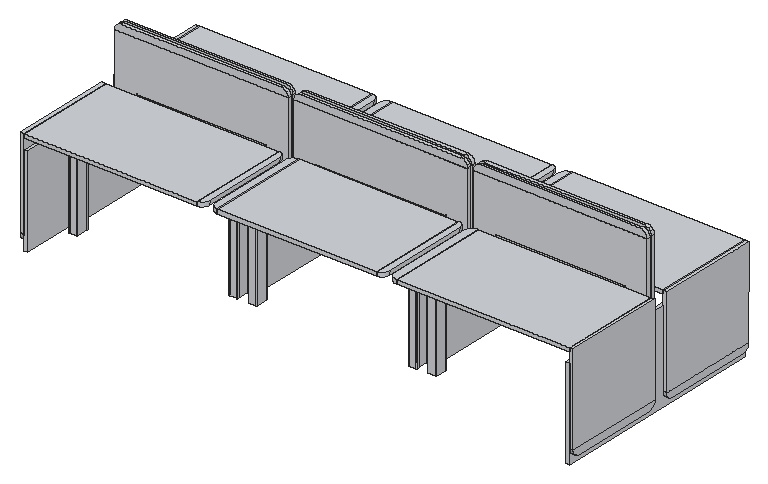
Revit family "Pair_Fade_Table System Final", category Furniture Systems, Revit 2018
Family settings
  Round Connector Dimension = Use Diameter
  Part Type = Normal
  Work Plane-Based = No
  Always vertical = Yes
  Cut with Voids When Loaded = No
  Shared = No
  Room Calculation Point = No
Parameters (values of type "48" Module - 6pk")
  Waterfall Right [instance] = yes
  W Right [instance] = if(and((Waterfall Right), or([4pk], [6pk], [8pk], [10pk])), X = 2, Y = 3)  # yes
  W Left [instance] = if(and((Waterfall Left), or([4pk], [6pk], [8pk], [10pk])), X = 2, Y = 3)  # yes
  Surface Radius Edge [instance] = yes
  Surface Finish [instance] = none
  Side Screen Radius Edge [instance] = yes
  Side Screen Finish [instance] = none
  Intermediate Ref [instance] = 47.622"
  End Ref [instance] = 49.374"
  Note [instance] = "No Waterfall surface for 2pk"
  Non Waterfall Left [instance] = not(Waterfall Left)  # no
  Non Water fall edge Left [instance] = if(and(Surface Radius Edge, Non Waterfall Left), X = 2, Y = 3)  # no
  Nest Screen Finish [instance] = none
  Nest Finish [instance] = none
  Lifting Columns Finish [instance] = none
  Intermediate Surface [instance] = if(Side Screen, Intermediate Ref - 1.000", Intermediate Ref)  # 47.622"
  Right End Surface [instance] = if(Side Screen, End Ref - 0.500", End Ref)  # 49.374"
  Nest Screen Radius Edge [instance] = yes
  End Panel Finish [instance] = none
  Duplex Finish [instance] = none
  D [instance] = if(Side Screen, 1.250", 0.750")  # 0.750"
  Base Finish [instance] = none
  2pk & Left End Surface Width [instance] = if(Side Screen, End Ref - 0.500", End Ref)  # 49.374"
  Waterfall Left [instance] = yes
  Non Waterfall Right [instance] = not(Waterfall Right)  # no
  Non Water fall edge Right [instance] = if(and(Surface Radius Edge, Non Waterfall Right), X = 2, Y = 3)  # no
  End Panel Offset = 147.36614"
  8pk End Panel = no
  6pk End Panel = yes
  4th Surface [instance] = if([10pk], X = 2, Y = 3)  # no
  4pk End Panel = no
  3rd Surface [instance] = if(or([8pk], [10pk]), X = 2, Y = 3)  # no
  2nd Surface [instance] = if(or([6pk], [8pk], [10pk]), X = 2, Y = 3)  # yes
  Y = 4
  X = 2
  Side Screen Height [instance] = if([Side Screen 60"H], 60.000", 48.000")  # 48.000"
  Side Screen 60"H [instance] = no
  Side Screen [instance] = no
  S8PK [instance] = if(and([8pk], Side Screen), X = 2, Y = 3)  # no
  S6PK [instance] = if(and([6pk], Side Screen), X = 2, Y = 3)  # no
  S4PK [instance] = if(and([4pk], Side Screen), X = 2, Y = 3)  # no
  S10PK [instance] = if(and([10pk], Side Screen), X = 2, Y = 3)  # no
  Nest Screen width [instance] = if(Side Screen, Base Length - 2.500", Base Length - 1.500")  # 47.62205"
  Nest Screen [instance] = yes
  M 72 = no
  M 60 = no
  M 48 = yes
  Length = 0.000"
  Height = 29.000"
  F8PK [instance] = if(and([8pk], Nest Screen), X = 2, Y = 3)  # no
  F6PK [instance] = if(and([6pk], Nest Screen), X = 2, Y = 3)  # yes
  F4PK [instance] = if(and([4pk], Nest Screen), X = 2, Y = 3)  # yes
  F2PK [instance] = if(and([2pk], Nest Screen), X = 2, Y = 3)  # yes
  F10PK [instance] = if(and([10pk], Nest Screen), X = 2, Y = 3)  # no
  Base Length = if(M 48, 49.12205", if(M 60, 61.11811", if(M 72, 73.11811", 51.1811")))  # 49.12205"
  8pk = no
  6pk = yes
  4pk = yes
  2pk = yes
  10pk End Panel = no
  10pk = no
Reference planes (in)
  plane 1 "Center (Front/Back)": y = 0
  plane 2: z = 0
  plane 3 "Center (Left/Right)": x = 0
  plane 4: x = 49.12205
  plane 5: x = 98.24409
  plane 6: x = 147.36614
  plane 7: x = 196.48819
  plane 8: x = 245.61024
  plane 9: x = 24.56102
  plane 10: x = 73.68307
  plane 11: x = 122.80512
  plane 12: x = 171.92717
  plane 13: x = 221.04921
  plane 14: z = 29
  plane 15: x = -1.00171
  plane 16: y = -30
  plane 17: y = 30
  plane 18: x = 147.36614
  plane 19: x = 49.92205
  plane 20: x = 148.36785
Forms (in)
  Extrusion 1, solid, material <- "End Panel Finish"
    sketch origin (0, 0, 0) x (0, 1, 0) y (0, 0, 1)
      loop
        line (30, 0.25) -> (30, 25.125) -> (-30, 25.125) -> (-30, 0.25) -> (30, 0.25)
    from 0 to -1.00171
  Extrusion 2, solid, material <- "End Panel Finish"
    sketch origin (329.69865, 0, 0) x (0, 1, 0) y (0, 0, 1)
      loop
        line (30, 0.25) -> (30, 25.125) -> (-30, 25.125) -> (-30, 0.25) -> (30, 0.25)
    from -181.3308 to -182.33251
Dimensions and locks (in)
  "Base Length": plane 3 "Center (Left/Right)" to plane 4
  "Base Length": plane 4 to plane 5
  "Base Length": plane 5 to plane 6
  "Base Length": plane 6 to plane 7
  "Base Length": plane 7 to plane 8
  locked: Extrusion 1 sketch curve to Extrusion 1 sketch curve at 24.875
  locked: Extrusion 1 sketch curve to Extrusion 1 sketch curve at 60
  locked: Extrusion 1 to plane 3 "Center (Left/Right)" at 1.00171
  equal spacing: plane 3 "Center (Left/Right)", plane 9, plane 4
  equal spacing: plane 4, plane 10, plane 5
  equal spacing: plane 5, plane 11, plane 6
  equal spacing: plane 6, plane 12, plane 7
  equal spacing: plane 7, plane 13, plane 8
  "Height": plane 14 to level
  locked: plane 15 to plane 3 "Center (Left/Right)" at 1.00171
  locked: Extrusion 2 sketch curve to Extrusion 2 sketch curve at 24.875
  locked: Extrusion 2 sketch curve to Extrusion 2 sketch curve at 60
  "End Panel Offset": plane 3 "Center (Left/Right)" to plane 18
  nested 10 to level = 29.000"
  locked: plane 19 to plane 4 at 0.8
  locked: plane 18 to plane 20 at 1.00171
  locked: Extrusion 2 to Extrusion 2 at 1.00171
  locked: nested 12 to plane 18 at 1.00171
  plane 8 to nested 20 = 1.00195"
  plane 8 to nested 21 = 1.00195"
  plane 7 to nested 22 = 1.00195"
  plane 7 to nested 23 = 1.00195"
  plane 6 to nested 24 = 1.00195"
  plane 6 to nested 25 = 1.00195"
  plane 5 to nested 26 = 1.00195"
  plane 5 to nested 27 = 1.00195"
  "D": plane 7 to nested 20
  "D": plane 7 to nested 21
  "D": plane 6 to nested 22
  "D": plane 6 to nested 23
  "D": plane 5 to nested 24
  "D": plane 5 to nested 25
  "D": plane 4 to nested 26
  "D": plane 4 to nested 27
  nested 12 to nested 6 = 98.7758"
  nested 12 to nested 26 = 98.4958"
  plane 4 to plane 3 "Center (Left/Right)" = 49.12205"
  nested 1 to nested 13 = 49.37376"
  nested 2 to nested 2 = 47.62205"
  aligned and locked: level to plane 2
  aligned and locked: plane 3 "Center (Left/Right)" to nested 1
  aligned and locked: plane 1 "Center (Front/Back)" to nested 1
  aligned and locked: plane 4 to nested 2
  aligned and locked: plane 1 "Center (Front/Back)" to nested 2
  aligned and locked: plane 5 to nested 3
  aligned and locked: plane 1 "Center (Front/Back)" to nested 3
  aligned and locked: plane 6 to nested 4
  aligned and locked: plane 1 "Center (Front/Back)" to nested 4
  aligned and locked: plane 7 to nested 5
  aligned and locked: plane 1 "Center (Front/Back)" to nested 5
  aligned and locked: nested 6 to plane 4
  aligned and locked: nested 7 to plane 5
  aligned and locked: nested 8 to plane 6
  aligned and locked: nested 9 to plane 7
  aligned and locked: nested 6 to plane 1 "Center (Front/Back)"
  aligned and locked: nested 7 to plane 1 "Center (Front/Back)"
  aligned and locked: nested 8 to plane 1 "Center (Front/Back)"
  aligned and locked: nested 9 to plane 1 "Center (Front/Back)"
  aligned and locked: Extrusion 2 to plane 18
  aligned and locked: plane 1 "Center (Front/Back)" to nested 12
  aligned and locked: plane 15 to nested 13
  aligned and locked: nested 11 to plane 15
  aligned and locked: plane 10 to nested 14
  aligned and locked: plane 10 to nested 15
  aligned and locked: plane 11 to nested 16
  aligned and locked: plane 11 to nested 17
  aligned and locked: plane 12 to nested 19
  aligned and locked: plane 12 to nested 18
Automatic sketch dimensions
  Extrusion 1 sketch curve to plane 16 = 0.000"
  level to Extrusion 1 sketch curve = 0.250"
  Extrusion 2 sketch curve to plane 16 = 0.000"
  level to Extrusion 2 sketch curve = 0.250"
Nested families (in)
  nested 1: "center" at (30.56, 0, 0), visible <- "2pk", Base <- "2pk", Nest <- "F2PK", type "center"
    with Nest yes, Height Front 29.000", Height Back 29.000", Base yes, Nest screen Width 47.62205", Length 49.12205"
  nested 2: "center" at (79.68205, 0, 0), visible <- "4pk", Base <- "4pk", Nest <- "F4PK", type "center"
    with Nest yes, Height Front 29.000", Height Back 29.000", Base yes, Nest screen Width 47.62205", Length 49.12205"
  nested 3: "center" at (128.80409, 0, 0), visible <- "6pk", Base <- "6pk", Nest <- "F6PK", type "center"
    with Nest yes, Height Front 29.000", Height Back 29.000", Base yes, Nest screen Width 47.62205", Length 49.12205"
  nested 4: "center" at (177.92614, 0, 0), Base <- "8pk", Nest <- "F8PK", type "center"
    with Nest no, Height Front 29.000", Height Back 29.000", Base no, Nest screen Width 47.62205", Length 49.12205"
  nested 5: "center" at (227.04819, 0, 0), Base <- "10pk", Nest <- "F10PK", type "center"
    with Nest no, Height Front 29.000", Height Back 29.000", Base no, Nest screen Width 47.62205", Length 49.12205"
  nested 6: "Side Screen" at (48.65205, -30, 0), Side Screen <- "S4PK", Radius Edge <- "Side Screen Radius Edge", type "48" H"
    with Side Screen no, Radius Edge yes, RE no, H 46.000", Height 48.000"
  nested 7: "Side Screen" at (97.77409, -30, 0), Side Screen <- "S6PK", Radius Edge <- "Side Screen Radius Edge", type "48" H"
    with Side Screen no, Radius Edge yes, RE no, H 46.000", Height 48.000"
  nested 8: "Side Screen" at (146.89614, -30, 0), Radius Edge <- "Side Screen Radius Edge", Side Screen <- "S8PK", type "48" H"
    with Side Screen no, Radius Edge yes, RE no, H 46.000", Height 48.000"
  nested 9: "Side Screen" at (196.01819, -30, 0), Radius Edge <- "Side Screen Radius Edge", Side Screen <- "S10PK", type "48" H"
    with Side Screen no, Radius Edge yes, RE no, H 46.000", Height 48.000"
  nested 10: "Surface" at (-1.00195, -2, 0), RE Right <- "Surface Radius Edge", non <- "2pk", Width <- "2pk & Left End Surface Width", RE <- "Non Water fall edge Left", type "Default"
    with non yes, Width 49.374", SE - Offset1 2.000", SE - Offset 0.000", RR yes, RL no, RE Right yes, RE no, Height 29.000"
  nested 11: "Surface" at (48.37229, 2, 0) x (-1, 0, 0) z (0, 0, 1), RE <- "Surface Radius Edge", non <- "2pk", RE Right <- "Non Water fall edge Left", Width <- "2pk & Left End Surface Width", type "Default"
    with non yes, Width 49.374", SE - Offset1 0.000", SE - Offset 2.000", RR no, RL yes, RE Right no, RE yes, Height 29.000"
  nested 12: "Water Fall" at (142.36785, 0, 0), Radius Edge <- "Surface Radius Edge", Waterfall <- "W Right", type "Default"
    with Waterfall yes, Radius Edge yes, RE yes, Height back 29.000", Height Front 29.000", H 24.750"
  nested 13: "Water Fall" at (4.99829, 0, 0) x (-1, 0, 0) z (0, 0, 1), Waterfall <- "W Left", Radius Edge <- "Surface Radius Edge", type "Default"
    with Waterfall yes, Radius Edge yes, RE yes, Height back 29.000", Height Front 29.000", H 24.750"
  nested 14: "Surface" at (49.87207, -2, 0), non <- "2nd Surface", RE <- "Surface Radius Edge", RE Right <- "Surface Radius Edge", Width <- "Intermediate Surface", type "Default"
    with non yes, Width 47.622", SE - Offset1 2.000", SE - Offset 2.000", RR yes, RL yes, RE Right yes, RE yes, Height 29.000"
  nested 15: "Surface" at (49.87207, 30, 0), Width <- "Intermediate Surface", non <- "6pk", RE <- "Surface Radius Edge", RE Right <- "Surface Radius Edge", type "Default"
    with non yes, Width 47.622", SE - Offset1 2.000", SE - Offset 2.000", RR yes, RL yes, RE Right yes, RE yes, Height 29.000"
  nested 16: "Surface" at (98.99412, -2, 0), non <- "3rd Surface", RE <- "Surface Radius Edge", RE Right <- "Surface Radius Edge", Width <- "Intermediate Surface", type "Default"
    with non no, Width 47.622", SE - Offset1 2.000", SE - Offset 2.000", RR no, RL no, RE Right yes, RE yes, Height 29.000"
  nested 17: "Surface" at (98.99412, 30, 0), non <- "3rd Surface", RE <- "Surface Radius Edge", RE Right <- "Surface Radius Edge", Width <- "Intermediate Surface", type "Default"
    with non no, Width 47.622", SE - Offset1 2.000", SE - Offset 2.000", RR no, RL no, RE Right yes, RE yes, Height 29.000"
  nested 18: "Surface" at (148.11617, -2, 0), Width <- "Intermediate Surface", non <- "4th Surface", RE <- "Surface Radius Edge", RE Right <- "Surface Radius Edge", type "Default"
    with non no, Width 47.622", SE - Offset1 2.000", SE - Offset 2.000", RR no, RL no, RE Right yes, RE yes, Height 29.000"
  nested 19: "Surface" at (148.11617, 30, 0), Width <- "Intermediate Surface", non <- "4th Surface", RE <- "Surface Radius Edge", RE Right <- "Surface Radius Edge", type "Default"
    with non no, Width 47.622", SE - Offset1 2.000", SE - Offset 2.000", RR no, RL no, RE Right yes, RE yes, Height 29.000"
  nested 20: "Surface End" at (197.23819, -2, 0), RE Right <- "Non Water fall edge Right", RE <- "Surface Radius Edge", Width <- "Right End Surface", non <- "10pk End Panel", type "Default"
    with non no, Width 49.374", SE - Offset1 0.000", SE - Offset 2.000", RR no, RL no, RE Right no, RE yes, Height 29.000"
  nested 21: "Surface End" at (197.23819, 30, 0), RE Right <- "Non Water fall edge Right", RE <- "Surface Radius Edge", Width <- "Right End Surface", non <- "10pk End Panel", type "Default"
    with non no, Width 49.374", SE - Offset1 0.000", SE - Offset 2.000", RR no, RL no, RE Right no, RE yes, Height 29.000"
  nested 22: "Surface End" at (148.11614, -2, 0), RE Right <- "Non Water fall edge Right", RE <- "Surface Radius Edge", Width <- "Right End Surface", non <- "8pk End Panel", type "Default"
    with non no, Width 49.374", SE - Offset1 0.000", SE - Offset 2.000", RR no, RL no, RE Right no, RE yes, Height 29.000"
  nested 23: "Surface End" at (148.11614, 30, 0), RE Right <- "Non Water fall edge Right", RE <- "Surface Radius Edge", Width <- "Right End Surface", non <- "8pk End Panel", type "Default"
    with non no, Width 49.374", SE - Offset1 0.000", SE - Offset 2.000", RR no, RL no, RE Right no, RE yes, Height 29.000"
  nested 24: "Surface End" at (98.99409, -2, 0), RE Right <- "Non Water fall edge Right", RE <- "Surface Radius Edge", Width <- "Right End Surface", non <- "6pk End Panel", type "Default"
    with non yes, Width 49.374", SE - Offset1 0.000", SE - Offset 2.000", RR no, RL yes, RE Right no, RE yes, Height 29.000"
  nested 25: "Surface End" at (98.99409, 30, 0), RE Right <- "Non Water fall edge Right", RE <- "Surface Radius Edge", Width <- "Right End Surface", non <- "6pk End Panel", type "Default"
    with non yes, Width 49.374", SE - Offset1 0.000", SE - Offset 2.000", RR no, RL yes, RE Right no, RE yes, Height 29.000"
  nested 26: "Surface End" at (49.87205, -2, 0), RE Right <- "Non Water fall edge Right", RE <- "Surface Radius Edge", Width <- "Right End Surface", non <- "4pk End Panel", type "Default"
    with non no, Width 49.374", SE - Offset1 0.000", SE - Offset 2.000", RR no, RL no, RE Right no, RE yes, Height 29.000"
  nested 27: "Surface End" at (49.87205, 30, 0), RE Right <- "Non Water fall edge Right", RE <- "Surface Radius Edge", Width <- "Right End Surface", non <- "4pk End Panel", type "Default"
    with non no, Width 49.374", SE - Offset1 0.000", SE - Offset 2.000", RR no, RL no, RE Right no, RE yes, Height 29.000"
Definition of nested family "center"
  Parameters (values of type "center")
    Duplex Finish = none
    Radius Edge = yes
    Nest screen Width = 71.49811"
    Nest Screen Finish = none
    Nest Finish = none
    Nest [instance] = yes
    Lifting Columns Finish = none
    Length = 73.11811"
    Height Front [instance] = 29.000"
    Height Back [instance] = 29.000"
    Base Finish = none
    Base [instance] = yes
  Reference planes (in)
    plane 1 "Center (Front/Back)": y = 0
    plane 2: z = 0
    plane 3 "Center (Left/Right)": x = 5.99906
    plane 4: x = -30.56
    plane 5: x = 42.55811
    plane 6: x = -30.06
    plane 7: x = 42.05811
    plane 8: x = 35.6989
    plane 9: x = -23.70079
    plane 10 "H Front": z = 29
    plane 11 "H Back": z = 29
  Forms (in)
    Extrusion 1, solid, material <- "Base Finish", visible <- "Base"
      sketch origin (5.99906, 0, 0) x (0, 1, 0) y (0, 0, 1)
        loop
          line (-1.6152, 14) -> (1.6152, 14)
          arc (1.6152, 14) -> (1.71052, 14.03948) -> (1.75, 14.1348) r 0.1348
          line (1.75, 14.1348) -> (1.75, 18.8652)
          arc (1.75, 18.8652) -> (1.71052, 18.96052) -> (1.6152, 19) r 0.1348
          line (1.6152, 19) -> (-1.6152, 19)
          arc (-1.6152, 19) -> (-1.71052, 18.96052) -> (-1.75, 18.8652) r 0.1348
          line (-1.75, 18.8652) -> (-1.75, 14.1348)
          arc (-1.75, 14.1348) -> (-1.71052, 14.03948) -> (-1.6152, 14) r 0.1348
        loop
          line (1.6902, 14.1348) -> (1.6902, 18.8652)
          arc (1.6902, 18.8652) -> (1.66823, 18.91823) -> (1.6152, 18.9402) r 0.075
          line (1.6152, 18.9402) -> (-1.6152, 18.9402)
          arc (-1.6152, 18.9402) -> (-1.66823, 18.91823) -> (-1.6902, 18.8652) r 0.075
          line (-1.6902, 18.8652) -> (-1.6902, 14.1348)
          arc (-1.6902, 14.1348) -> (-1.66823, 14.08177) -> (-1.6152, 14.0598) r 0.075
          line (-1.6152, 14.0598) -> (1.6152, 14.0598)
          arc (1.6152, 14.0598) -> (1.66823, 14.08177) -> (1.6902, 14.1348) r 0.075
      from -36.05906 to 36.05906
    Extrusion 2, solid, material <- "Duplex Finish", visible <- "Base"
      sketch origin (151.27019, 2.85547, 0.86122) x (-1, 0, 0) y (0, 0, -1)
        loop
          line (141.09459, -17.05456) -> (143.46769, -17.05456)
          arc (143.46769, -17.05456) -> (143.55608, -17.01795) -> (143.59269, -16.92956) r 0.125
          line (143.59269, -16.92956) -> (143.59269, -15.88872)
          arc (143.59269, -15.88872) -> (143.55608, -15.80033) -> (143.46769, -15.76372) r 0.125
          line (143.46769, -15.76372) -> (141.09459, -15.76372)
          arc (141.09459, -15.76372) -> (141.0062, -15.80033) -> (140.96959, -15.88872) r 0.125
          line (140.96959, -15.88872) -> (140.96959, -16.92956)
          arc (140.96959, -16.92956) -> (141.0062, -17.01795) -> (141.09459, -17.05456) r 0.125
        loop
          line (141.23459, -16.59856) -> (141.23459, -16.71056) -> (141.5366, -16.71056) -> (141.5366, -16.59856) -> (141.23459, -16.59856)
        loop
          line (141.58359, -16.11656) -> (141.2196, -16.11656) -> (141.2196, -16.22856) -> (141.58359, -16.22856) -> (141.58359, -16.11656)
        loop
          line (141.99359, -16.31056) -> (141.90389, -16.31056)
          arc (141.90389, -16.31056) -> (141.80089, -16.41356) -> (141.90389, -16.51656) r 0.103
          line (141.90389, -16.51656) -> (141.99359, -16.51656) -> (141.99359, -16.31056)
        loop
          line (142.71459, -16.59856) -> (142.71459, -16.71056) -> (143.0166, -16.71056) -> (143.0166, -16.59856) -> (142.71459, -16.59856)
        loop
          line (143.06359, -16.11656) -> (142.6996, -16.11656) -> (142.6996, -16.22856) -> (143.06359, -16.22856) -> (143.06359, -16.11656)
        loop
          line (143.4736, -16.31056) -> (143.38389, -16.31056)
          arc (143.38389, -16.31056) -> (143.28089, -16.41356) -> (143.38389, -16.51656) r 0.103
          line (143.38389, -16.51656) -> (143.4736, -16.51656) -> (143.4736, -16.31056)
      from 4.1577 to 4.6377
    Extrusion 3, solid, material <- "Duplex Finish", visible <- "Base"
      sketch origin (-151.27019, 2.85547, 0.86122) x (1, 0, 0) y (0, 0, 1)
        loop
          arc (153.0927, 17.05456) -> (153.00431, 17.01795) -> (152.9677, 16.92956) r 0.125
          line (152.9677, 16.92956) -> (152.9677, 15.88872)
          arc (152.9677, 15.88872) -> (153.00431, 15.80033) -> (153.0927, 15.76372) r 0.125
          line (153.0927, 15.76372) -> (155.46581, 15.76372)
          arc (155.46581, 15.76372) -> (155.55419, 15.80033) -> (155.59081, 15.88872) r 0.125
          line (155.59081, 15.88872) -> (155.59081, 16.92956)
          arc (155.59081, 16.92956) -> (155.55419, 17.01795) -> (155.46581, 17.05456) r 0.125
          line (155.46581, 17.05456) -> (153.0927, 17.05456)
        loop
          line (153.2327, 16.59856) -> (153.53471, 16.59856) -> (153.53471, 16.71056) -> (153.2327, 16.71056) -> (153.2327, 16.59856)
        loop
          line (153.5817, 16.11656) -> (153.5817, 16.22856) -> (153.21771, 16.22856) -> (153.21771, 16.11656) -> (153.5817, 16.11656)
        loop
          line (153.9917, 16.31056) -> (153.9917, 16.51656) -> (153.902, 16.51656)
          arc (153.902, 16.51656) -> (153.799, 16.41356) -> (153.902, 16.31056) r 0.103
          line (153.902, 16.31056) -> (153.9917, 16.31056)
        loop
          line (154.7127, 16.59856) -> (155.01471, 16.59856) -> (155.01471, 16.71056) -> (154.7127, 16.71056) -> (154.7127, 16.59856)
        loop
          line (155.0617, 16.11656) -> (155.0617, 16.22856) -> (154.69771, 16.22856) -> (154.69771, 16.11656) -> (155.0617, 16.11656)
        loop
          line (155.47171, 16.31056) -> (155.47171, 16.51656) -> (155.382, 16.51656)
          arc (155.382, 16.51656) -> (155.279, 16.41356) -> (155.382, 16.31056) r 0.103
          line (155.382, 16.31056) -> (155.47171, 16.31056)
      from 4.1577 to 4.6377
    Extrusion 4, void
      sketch origin (0, 0, 0) x (1, 0, 0) y (0, 1, 0)
        loop
          arc (-25.625, -1.375) -> (-25.53661, -1.33839) -> (-25.5, -1.25) r 0.125
          line (-25.5, -1.25) -> (-25.5, 1.25)
          arc (-25.5, 1.25) -> (-25.53661, 1.33839) -> (-25.625, 1.375) r 0.125
          line (-25.625, 1.375) -> (-29.375, 1.375)
          arc (-29.375, 1.375) -> (-29.46339, 1.33839) -> (-29.5, 1.25) r 0.125
          line (-29.5, 1.25) -> (-29.5, -1.25)
          arc (-29.5, -1.25) -> (-29.46339, -1.33839) -> (-29.375, -1.375) r 0.125
          line (-29.375, -1.375) -> (-25.625, -1.375)
      from 14 to 14.9375
    Extrusion 5, void
      sketch origin (0, 0, 0) x (1, 0, 0) y (0, 1, 0)
        loop
          arc (37.62311, 1.375) -> (37.53472, 1.33839) -> (37.49811, 1.25) r 0.125
          line (37.49811, 1.25) -> (37.49811, -1.25)
          arc (37.49811, -1.25) -> (37.53472, -1.33839) -> (37.62311, -1.375) r 0.125
          line (37.62311, -1.375) -> (41.37311, -1.375)
          arc (41.37311, -1.375) -> (41.4615, -1.33839) -> (41.49811, -1.25) r 0.125
          line (41.49811, -1.25) -> (41.49811, 1.25)
          arc (41.49811, 1.25) -> (41.4615, 1.33839) -> (41.37311, 1.375) r 0.125
          line (41.37311, 1.375) -> (37.62311, 1.375)
      from 13.05347 to 14.9375
    Extrusion 6, void
      sketch origin (0, 0, 0) x (1, 0, 0) y (0, 0, 1)
        loop
          arc (1.77856, 17.97) -> (1.69017, 17.93339) -> (1.65356, 17.845) r 0.125
          line (1.65356, 17.845) -> (1.65356, 16.72)
          arc (1.65356, 16.72) -> (1.69017, 16.63161) -> (1.77856, 16.595) r 0.125
          line (1.77856, 16.595) -> (4.27856, 16.595)
          arc (4.27856, 16.595) -> (4.36694, 16.63161) -> (4.40356, 16.72) r 0.125
          line (4.40356, 16.72) -> (4.40356, 17.845)
          arc (4.40356, 17.845) -> (4.36694, 17.93339) -> (4.27856, 17.97) r 0.125
          line (4.27856, 17.97) -> (1.77856, 17.97)
        loop
          arc (7.71956, 17.97) -> (7.63117, 17.93339) -> (7.59456, 17.845) r 0.125
          line (7.59456, 17.845) -> (7.59456, 16.72)
          arc (7.59456, 16.72) -> (7.63117, 16.63161) -> (7.71956, 16.595) r 0.125
          line (7.71956, 16.595) -> (10.21956, 16.595)
          arc (10.21956, 16.595) -> (10.30794, 16.63161) -> (10.34456, 16.72) r 0.125
          line (10.34456, 16.72) -> (10.34456, 17.845)
          arc (10.34456, 17.845) -> (10.30794, 17.93339) -> (10.21956, 17.97) r 0.125
          line (10.21956, 17.97) -> (7.71956, 17.97)
        loop
          arc (5.62406, 18.5925) -> (5.99906, 18.2175) -> (6.37406, 18.5925) r 0.375
          line (6.37406, 18.5925) -> (5.62406, 18.5925)
      from -2.32311 to 2.31027
    Extrusion 7, solid, material <- "Duplex Finish", visible <- "Base"
      sketch origin (151.27019, -2.85547, 0.86122) x (-1, 0, 0) y (0, 0, 1)
        loop
          arc (141.09459, 17.05456) -> (141.0062, 17.01795) -> (140.96959, 16.92956) r 0.125
          line (140.96959, 16.92956) -> (140.96959, 15.88872)
          arc (140.96959, 15.88872) -> (141.0062, 15.80033) -> (141.09459, 15.76372) r 0.125
          line (141.09459, 15.76372) -> (143.46769, 15.76372)
          arc (143.46769, 15.76372) -> (143.55608, 15.80033) -> (143.59269, 15.88872) r 0.125
          line (143.59269, 15.88872) -> (143.59269, 16.92956)
          arc (143.59269, 16.92956) -> (143.55608, 17.01795) -> (143.46769, 17.05456) r 0.125
          line (143.46769, 17.05456) -> (141.09459, 17.05456)
        loop
          line (141.23459, 16.59856) -> (141.5366, 16.59856) -> (141.5366, 16.71056) -> (141.23459, 16.71056) -> (141.23459, 16.59856)
        loop
          line (141.58359, 16.11656) -> (141.58359, 16.22856) -> (141.2196, 16.22856) -> (141.2196, 16.11656) -> (141.58359, 16.11656)
        loop
          line (141.99359, 16.31056) -> (141.99359, 16.51656) -> (141.90389, 16.51656)
          arc (141.90389, 16.51656) -> (141.80089, 16.41356) -> (141.90389, 16.31056) r 0.103
          line (141.90389, 16.31056) -> (141.99359, 16.31056)
        loop
          line (142.71459, 16.59856) -> (143.0166, 16.59856) -> (143.0166, 16.71056) -> (142.71459, 16.71056) -> (142.71459, 16.59856)
        loop
          line (143.06359, 16.11656) -> (143.06359, 16.22856) -> (142.6996, 16.22856) -> (142.6996, 16.11656) -> (143.06359, 16.11656)
        loop
          line (143.4736, 16.31056) -> (143.4736, 16.51656) -> (143.38389, 16.51656)
          arc (143.38389, 16.51656) -> (143.28089, 16.41356) -> (143.38389, 16.31056) r 0.103
          line (143.38389, 16.31056) -> (143.4736, 16.31056)
      from 4.1577 to 4.6377
    Extrusion 8, solid, material <- "Duplex Finish", visible <- "Base"
      sketch origin (-151.27019, -2.85547, 0.86122) x (1, 0, 0) y (0, 0, -1)
        loop
          line (153.0927, -17.05456) -> (155.46581, -17.05456)
          arc (155.46581, -17.05456) -> (155.55419, -17.01795) -> (155.59081, -16.92956) r 0.125
          line (155.59081, -16.92956) -> (155.59081, -15.88872)
          arc (155.59081, -15.88872) -> (155.55419, -15.80033) -> (155.46581, -15.76372) r 0.125
          line (155.46581, -15.76372) -> (153.0927, -15.76372)
          arc (153.0927, -15.76372) -> (153.00431, -15.80033) -> (152.9677, -15.88872) r 0.125
          line (152.9677, -15.88872) -> (152.9677, -16.92956)
          arc (152.9677, -16.92956) -> (153.00431, -17.01795) -> (153.0927, -17.05456) r 0.125
        loop
          line (153.2327, -16.59856) -> (153.2327, -16.71056) -> (153.53471, -16.71056) -> (153.53471, -16.59856) -> (153.2327, -16.59856)
        loop
          line (153.5817, -16.11656) -> (153.21771, -16.11656) -> (153.21771, -16.22856) -> (153.5817, -16.22856) -> (153.5817, -16.11656)
        loop
          line (153.9917, -16.31056) -> (153.902, -16.31056)
          arc (153.902, -16.31056) -> (153.799, -16.41356) -> (153.902, -16.51656) r 0.103
          line (153.902, -16.51656) -> (153.9917, -16.51656) -> (153.9917, -16.31056)
        loop
          line (154.7127, -16.59856) -> (154.7127, -16.71056) -> (155.01471, -16.71056) -> (155.01471, -16.59856) -> (154.7127, -16.59856)
        loop
          line (155.0617, -16.11656) -> (154.69771, -16.11656) -> (154.69771, -16.22856) -> (155.0617, -16.22856) -> (155.0617, -16.11656)
        loop
          line (155.47171, -16.31056) -> (155.382, -16.31056)
          arc (155.382, -16.31056) -> (155.279, -16.41356) -> (155.382, -16.51656) r 0.103
          line (155.382, -16.51656) -> (155.47171, -16.51656) -> (155.47171, -16.31056)
      from 4.1577 to 4.6377
    Extrusion 9, solid, material <- "Base Finish", visible <- "Base"
      sketch origin (0, 0, 0) x (1, 0, 0) y (0, 1, 0)
        loop
          line (-30, -14.255) -> (-30, 14.255) -> (-26.88, 14.255)
          arc (-26.88, 14.255) -> (-26.75272, 14.30772) -> (-26.7, 14.435) r 0.18
          line (-26.7, 14.435) -> (-26.7, 17.565)
          arc (-26.7, 17.565) -> (-26.75272, 17.69228) -> (-26.88, 17.745) r 0.18
          line (-26.88, 17.745) -> (-28.94, 17.745)
          arc (-28.94, 17.745) -> (-29.06728, 17.69228) -> (-29.12, 17.565) r 0.18
          line (-29.12, 17.565) -> (-29.12, 17.245) -> (-29, 17.245) -> (-29, 14.555)
          arc (-29, 14.555) -> (-29.01757, 14.51257) -> (-29.06, 14.495) r 0.06
          line (-29.06, 14.495) -> (-30.56, 14.495) -> (-30.56, -14.495) -> (-29.06, -14.495)
          arc (-29.06, -14.495) -> (-29.01757, -14.51257) -> (-29, -14.555) r 0.06
          line (-29, -14.555) -> (-29, -17.245) -> (-29.12, -17.245) -> (-29.12, -17.565)
          arc (-29.12, -17.565) -> (-29.06728, -17.69228) -> (-28.94, -17.745) r 0.18
          line (-28.94, -17.745) -> (-26.88, -17.745)
          arc (-26.88, -17.745) -> (-26.75272, -17.69228) -> (-26.7, -17.565) r 0.18
          line (-26.7, -17.565) -> (-26.7, -14.435)
          arc (-26.7, -14.435) -> (-26.75272, -14.30772) -> (-26.88, -14.255) r 0.18
          line (-26.88, -14.255) -> (-30, -14.255)
        loop
          line (-28.88, 17.565) -> (-28.88, 14.435) -> (-26.88, 14.435) -> (-26.88, 17.565) -> (-28.88, 17.565)
        loop
          line (-28.88, -17.565) -> (-26.88, -17.565) -> (-26.88, -14.435) -> (-28.88, -14.435) -> (-28.88, -17.565)
      from 0.25 to 24
    Extrusion 10, solid, material <- "Base Finish", visible <- "Base"
      sketch origin (0, 0, 0) x (-1, 0, 0) y (0, -1, 0)
        loop
          line (-41.99811, 14.255) -> (-38.87811, 14.255)
          arc (-38.87811, 14.255) -> (-38.75083, 14.30772) -> (-38.69811, 14.435) r 0.18
          line (-38.69811, 14.435) -> (-38.69811, 17.565)
          arc (-38.69811, 17.565) -> (-38.75083, 17.69228) -> (-38.87811, 17.745) r 0.18
          line (-38.87811, 17.745) -> (-40.93811, 17.745)
          arc (-40.93811, 17.745) -> (-41.06539, 17.69228) -> (-41.11811, 17.565) r 0.18
          line (-41.11811, 17.565) -> (-41.11811, 17.245) -> (-40.99811, 17.245) -> (-40.99811, 14.555)
          arc (-40.99811, 14.555) -> (-41.01568, 14.51257) -> (-41.05811, 14.495) r 0.06
          line (-41.05811, 14.495) -> (-42.55811, 14.495) -> (-42.55811, -14.495) -> (-41.05811, -14.495)
          arc (-41.05811, -14.495) -> (-41.01568, -14.51257) -> (-40.99811, -14.555) r 0.06
          line (-40.99811, -14.555) -> (-40.99811, -17.245) -> (-41.11811, -17.245) -> (-41.11811, -17.565)
          arc (-41.11811, -17.565) -> (-41.06539, -17.69228) -> (-40.93811, -17.745) r 0.18
          line (-40.93811, -17.745) -> (-38.87811, -17.745)
          arc (-38.87811, -17.745) -> (-38.75083, -17.69228) -> (-38.69811, -17.565) r 0.18
          line (-38.69811, -17.565) -> (-38.69811, -14.435)
          arc (-38.69811, -14.435) -> (-38.75083, -14.30772) -> (-38.87811, -14.255) r 0.18
          line (-38.87811, -14.255) -> (-41.99811, -14.255) -> (-41.99811, 14.255)
        loop
          line (-40.87811, -17.565) -> (-38.87811, -17.565) -> (-38.87811, -14.435) -> (-40.87811, -14.435) -> (-40.87811, -17.565)
        loop
          line (-40.87811, 17.565) -> (-40.87811, 14.435) -> (-38.87811, 14.435) -> (-38.87811, 17.565) -> (-40.87811, 17.565)
      from 0.25 to 24
    Extrusion 11, solid, material <- "Base Finish", visible <- "Base"
      sketch origin (0, 0, 0) x (1, 0, 0) y (0, 1, 0)
        loop
          arc (39.99811, -1.154) -> (40.02623, -1.22188) -> (40.09411, -1.25) r 0.096
          line (40.09411, -1.25) -> (41.90211, -1.25)
          arc (41.90211, -1.25) -> (41.96999, -1.22188) -> (41.99811, -1.154) r 0.096
          line (41.99811, -1.154) -> (41.99811, -0.5) -> (41.96211, -0.5) -> (41.96211, -1.154)
          arc (41.96211, -1.154) -> (41.94454, -1.19643) -> (41.90211, -1.214) r 0.06
          line (41.90211, -1.214) -> (40.09411, -1.214)
          arc (40.09411, -1.214) -> (40.05168, -1.19643) -> (40.03411, -1.154) r 0.06
          line (40.03411, -1.154) -> (40.03411, 1.154)
          arc (40.03411, 1.154) -> (40.05168, 1.19643) -> (40.09411, 1.214) r 0.06
          line (40.09411, 1.214) -> (41.90211, 1.214)
          arc (41.90211, 1.214) -> (41.94454, 1.19643) -> (41.96211, 1.154) r 0.06
          line (41.96211, 1.154) -> (41.96211, 0.5) -> (41.99811, 0.5) -> (41.99811, 1.154)
          arc (41.99811, 1.154) -> (41.96999, 1.22188) -> (41.90211, 1.25) r 0.096
          line (41.90211, 1.25) -> (40.09411, 1.25)
          arc (40.09411, 1.25) -> (40.02623, 1.22188) -> (39.99811, 1.154) r 0.096
          line (39.99811, 1.154) -> (39.99811, -1.154)
      from 0.25 to 14
    Extrusion 12, solid, material <- "Base Finish", visible <- "Base"
      sketch origin (0, 0, 0) x (1, 0, 0) y (0, 1, 0)
        loop
          line (-28.88, -17.565) -> (-26.88, -17.565) -> (-26.88, -14.435) -> (-28.88, -14.435) -> (-28.88, -17.565)
        loop
          line (-26.88, 14.435) -> (-26.88, 17.565) -> (-28.88, 17.565) -> (-28.88, 14.435) -> (-26.88, 14.435)
      from 0.25 to 0.57932
    Extrusion 13, solid, material <- "Base Finish", visible <- "Base"
      sketch origin (0, 0, 0) x (1, 0, 0) y (0, 1, 0)
        loop
          line (40.87811, -17.565) -> (40.87811, -14.435) -> (38.87811, -14.435) -> (38.87811, -17.565) -> (40.87811, -17.565)
        loop
          line (38.87811, 14.435) -> (40.87811, 14.435) -> (40.87811, 17.565) -> (38.87811, 17.565) -> (38.87811, 14.435)
      from 0.25 to 0.60047
    Extrusion 14, solid, material <- "Base Finish", visible <- "Base"
      sketch origin (0, 0, 0) x (1, 0, 0) y (0, 1, 0)
        loop
          circle (-27.91002, 16.02466) r 0.59055
        loop
          circle (-27.91002, -16.06195) r 0.59055
      from 0 to 0.25
    Extrusion 15, solid, material <- "Base Finish", visible <- "Base"
      sketch origin (-0.00189, 0, 0) x (-1, 0, 0) y (0, -1, 0)
        loop
          circle (-39.91002, -16.02466) r 0.59055
        loop
          circle (-39.91002, 16.06195) r 0.59055
      from 0 to 0.25
  Cuts and joins
    Extrusion 4, Extrusion 5, Extrusion 6 cuts Extrusion 1
  Dimensions and locks (in)
    equal spacing: plane 4, plane 3 "Center (Left/Right)", plane 5
    "Length": plane 4 to plane 5
    locked: plane 4 to plane 6 at 0.5
    locked: plane 7 to plane 5 at 0.5
    locked: Extrusion 11 sketch curve to Extrusion 11 sketch curve at 0.036
    locked: Extrusion 11 sketch curve to Extrusion 10 at 0.036  (x2)
    locked: Extrusion 11 sketch curve to plane 7 at 2.024
    locked: plane 4 to plane 9 at 6.85921
    locked: plane 8 to plane 5 at 6.85921
    locked: Extrusion 9 to Extrusion 9 at 2  (x2)
    locked: plane 4 to Extrusion 9 at 1.68  (x2)
    locked: Extrusion 10 to Extrusion 10 at 2
    Extrusion 10 to Extrusion 10 = 3.130"
    Extrusion 10 to Extrusion 10 = 2.000"
    locked: Extrusion 10 to plane 5 at 1.68
    locked: plane 4 to Extrusion 14 sketch curve at 2.64998  (x2)
    locked: Extrusion 15 sketch curve to plane 5 at 2.64998  (x2)
    "Height Front": plane 10 "H Front" to plane 2
    "Height Back": plane 11 "H Back" to plane 2
    locked: plane 11 "H Back" to nested 3 at 5.85433
    locked: plane 10 "H Front" to nested 4 at 5.85433
    aligned and locked: level to plane 2
    aligned and locked: plane 6 to Extrusion 1
    aligned and locked: plane 7 to Extrusion 1
    aligned and locked: nested 2 to plane 9
    aligned and locked: plane 9 to nested 1
    aligned and locked: nested 1 to plane 10 "H Front"
    aligned and locked: plane 11 "H Back" to nested 2
    aligned and locked: plane 3 "Center (Left/Right)" to nested 4
    aligned and locked: plane 3 "Center (Left/Right)" to nested 3
  Automatic sketch dimensions
    Extrusion 1 sketch curve to Extrusion 1 sketch curve = 0.000"  (x8)
    plane 1 "Center (Front/Back)" to Extrusion 1 sketch curve = 1.750"
    Extrusion 1 sketch curve to Extrusion 1 sketch curve = 0.0598"
    Extrusion 1 sketch curve to Extrusion 1 sketch curve = 0.075"  (x3)
    Extrusion 1 sketch curve to plane 1 "Center (Front/Back)" = 1.6152"  (x2)
    level to Extrusion 1 sketch curve = 14.000"
    Extrusion 1 sketch curve to Extrusion 1 sketch curve = 4.7304"
    plane 3 "Center (Left/Right)" to Extrusion 2 sketch curve = 4.30155"
    Extrusion 2 sketch curve to Extrusion 2 sketch curve = 0.125"  (x4)
    Extrusion 2 sketch curve to Extrusion 2 sketch curve = 0.140"
    Extrusion 2 sketch curve to Extrusion 2 sketch curve = 0.302"  (x2)
    Extrusion 2 sketch curve to Extrusion 2 sketch curve = 0.364"  (x2)
    Extrusion 2 sketch curve to Extrusion 2 sketch curve = 0.36729"
    Extrusion 2 sketch curve to Extrusion 2 sketch curve = 0.0897"  (x2)
    Extrusion 2 sketch curve to Extrusion 2 sketch curve = 0.706"
    Extrusion 2 sketch curve to Extrusion 2 sketch curve = 0.015"
    Extrusion 2 sketch curve to Extrusion 2 sketch curve = 0.3203"
    Extrusion 2 sketch curve to Extrusion 2 sketch curve = 0.0838"
    Extrusion 2 sketch curve to Extrusion 2 sketch curve = 0.4041"
    level to Extrusion 2 sketch curve = 17.91578"
    Extrusion 2 sketch curve to Extrusion 2 sketch curve = 0.219"  (x2)
    Extrusion 2 sketch curve to Extrusion 2 sketch curve = 0.112"  (x4)
    Extrusion 2 sketch curve to Extrusion 2 sketch curve = 0.413"
    Extrusion 2 sketch curve to Extrusion 2 sketch curve = 0.082"  (x3)
    Extrusion 2 sketch curve to Extrusion 2 sketch curve = 0.103"  (x2)
    Extrusion 2 sketch curve to Extrusion 2 sketch curve = 0.42184"
    Extrusion 3 sketch curve to plane 3 "Center (Left/Right)" = 4.30155"
    Extrusion 3 sketch curve to Extrusion 3 sketch curve = 0.125"  (x4)
    Extrusion 3 sketch curve to Extrusion 3 sketch curve = 0.140"
    Extrusion 3 sketch curve to Extrusion 3 sketch curve = 0.302"  (x2)
    Extrusion 3 sketch curve to Extrusion 3 sketch curve = 0.364"  (x2)
    Extrusion 3 sketch curve to Extrusion 3 sketch curve = 0.36729"
    Extrusion 3 sketch curve to Extrusion 3 sketch curve = 0.0897"  (x2)
    Extrusion 3 sketch curve to Extrusion 3 sketch curve = 0.706"
    Extrusion 3 sketch curve to Extrusion 3 sketch curve = 0.015"
    Extrusion 3 sketch curve to Extrusion 3 sketch curve = 0.3203"
    Extrusion 3 sketch curve to Extrusion 3 sketch curve = 0.0838"
    Extrusion 3 sketch curve to Extrusion 3 sketch curve = 0.4041"
    level to Extrusion 3 sketch curve = 16.62494"
    Extrusion 3 sketch curve to Extrusion 3 sketch curve = 0.22784"  (x2)
    Extrusion 3 sketch curve to Extrusion 3 sketch curve = 0.112"  (x4)
    Extrusion 3 sketch curve to Extrusion 3 sketch curve = 0.082"  (x2)
    Extrusion 3 sketch curve to Extrusion 3 sketch curve = 0.103"  (x2)
    Extrusion 3 sketch curve to Extrusion 3 sketch curve = 0.370"  (x2)
    Extrusion 3 sketch curve to Extrusion 3 sketch curve = 0.413"
    Extrusion 4 sketch curve to plane 6 = 0.560"
    Extrusion 4 sketch curve to Extrusion 4 sketch curve = 0.125"  (x3)
    plane 9 to Extrusion 4 sketch curve = 1.92421"  (x2)
    plane 1 "Center (Front/Back)" to Extrusion 4 sketch curve = 1.375"
    Extrusion 4 sketch curve to plane 1 "Center (Front/Back)" = 1.250"
    plane 8 to Extrusion 5 sketch curve = 1.79921"
    Extrusion 5 sketch curve to Extrusion 5 sketch curve = 0.125"  (x3)
    Extrusion 5 sketch curve to plane 7 = 0.685"  (x2)
    plane 1 "Center (Front/Back)" to Extrusion 5 sketch curve = 1.375"
    Extrusion 5 sketch curve to plane 1 "Center (Front/Back)" = 1.250"
    Extrusion 6 sketch curve to plane 3 "Center (Left/Right)" = 0.000"
    Extrusion 6 sketch curve to Extrusion 6 sketch curve = 0.375"
    Extrusion 6 sketch curve to plane 3 "Center (Left/Right)" = 1.5955"
    Extrusion 6 sketch curve to Extrusion 6 sketch curve = 0.125"  (x7)
    Extrusion 6 sketch curve to Extrusion 6 sketch curve = 2.500"  (x2)
    Extrusion 6 sketch curve to Extrusion 6 sketch curve = 0.000"  (x2)
    Extrusion 6 sketch curve to Extrusion 6 sketch curve = 1.2205"
    level to Extrusion 6 sketch curve = 16.595"
    Extrusion 6 sketch curve to Extrusion 6 sketch curve = 1.125"  (x2)
    Extrusion 6 sketch curve to Extrusion 6 sketch curve = 0.7475"
    plane 3 "Center (Left/Right)" to Extrusion 7 sketch curve = 4.30155"
    Extrusion 7 sketch curve to Extrusion 7 sketch curve = 0.125"  (x4)
    Extrusion 7 sketch curve to Extrusion 7 sketch curve = 0.140"
    Extrusion 7 sketch curve to Extrusion 7 sketch curve = 0.302"  (x2)
    Extrusion 7 sketch curve to Extrusion 7 sketch curve = 0.364"  (x2)
    Extrusion 7 sketch curve to Extrusion 7 sketch curve = 0.36729"
    Extrusion 7 sketch curve to Extrusion 7 sketch curve = 0.0897"  (x2)
    Extrusion 7 sketch curve to Extrusion 7 sketch curve = 0.706"
    Extrusion 7 sketch curve to Extrusion 7 sketch curve = 0.015"
    Extrusion 7 sketch curve to Extrusion 7 sketch curve = 0.3203"
    Extrusion 7 sketch curve to Extrusion 7 sketch curve = 0.0838"
    Extrusion 7 sketch curve to Extrusion 7 sketch curve = 0.4041"
    level to Extrusion 7 sketch curve = 16.62494"
    Extrusion 7 sketch curve to Extrusion 7 sketch curve = 0.22784"  (x2)
    Extrusion 7 sketch curve to Extrusion 7 sketch curve = 0.112"  (x4)
    Extrusion 7 sketch curve to Extrusion 7 sketch curve = 0.082"  (x2)
    Extrusion 7 sketch curve to Extrusion 7 sketch curve = 0.103"  (x2)
    Extrusion 7 sketch curve to Extrusion 7 sketch curve = 0.370"  (x2)
    Extrusion 7 sketch curve to Extrusion 7 sketch curve = 0.413"
    Extrusion 8 sketch curve to plane 3 "Center (Left/Right)" = 4.30155"
    Extrusion 8 sketch curve to Extrusion 8 sketch curve = 0.125"  (x4)
    Extrusion 8 sketch curve to Extrusion 8 sketch curve = 0.140"
    Extrusion 8 sketch curve to Extrusion 8 sketch curve = 0.302"  (x2)
    Extrusion 8 sketch curve to Extrusion 8 sketch curve = 0.364"  (x2)
    Extrusion 8 sketch curve to Extrusion 8 sketch curve = 0.36729"
    Extrusion 8 sketch curve to Extrusion 8 sketch curve = 0.0897"  (x2)
    Extrusion 8 sketch curve to Extrusion 8 sketch curve = 0.706"
    Extrusion 8 sketch curve to Extrusion 8 sketch curve = 0.015"
    Extrusion 8 sketch curve to Extrusion 8 sketch curve = 0.3203"
    Extrusion 8 sketch curve to Extrusion 8 sketch curve = 0.0838"
    Extrusion 8 sketch curve to Extrusion 8 sketch curve = 0.4041"
    level to Extrusion 8 sketch curve = 17.91578"
    Extrusion 8 sketch curve to Extrusion 8 sketch curve = 0.219"  (x2)
    Extrusion 8 sketch curve to Extrusion 8 sketch curve = 0.112"  (x4)
    Extrusion 8 sketch curve to Extrusion 8 sketch curve = 0.413"
    Extrusion 8 sketch curve to Extrusion 8 sketch curve = 0.082"  (x3)
    Extrusion 8 sketch curve to Extrusion 8 sketch curve = 0.103"  (x2)
    Extrusion 8 sketch curve to Extrusion 8 sketch curve = 0.42184"
    Extrusion 9 sketch curve to plane 4 = 0.000"
    Extrusion 9 sketch curve to plane 6 = 0.060"
    Extrusion 9 sketch curve to plane 6 = 0.940"  (x2)
    Extrusion 9 sketch curve to Extrusion 9 sketch curve = 0.940"  (x2)
    Extrusion 9 sketch curve to Extrusion 9 sketch curve = 0.120"  (x4)
    Extrusion 9 sketch curve to Extrusion 9 sketch curve = 0.060"  (x3)
    Extrusion 9 sketch curve to Extrusion 9 sketch curve = 0.180"  (x4)
    Extrusion 9 sketch curve to Extrusion 9 sketch curve = 2.000"  (x3)
    Extrusion 9 sketch curve to Extrusion 9 sketch curve = 0.000"  (x6)
    plane 1 "Center (Front/Back)" to Extrusion 9 sketch curve = 17.745"
    Extrusion 9 sketch curve to Extrusion 9 sketch curve = 0.320"  (x2)
    Extrusion 9 sketch curve to Extrusion 9 sketch curve = 2.690"  (x2)
    Extrusion 9 sketch curve to plane 1 "Center (Front/Back)" = 14.255"
    Extrusion 10 sketch curve to plane 5 = 0.000"
    plane 7 to Extrusion 10 sketch curve = 0.060"
    plane 7 to Extrusion 10 sketch curve = 0.940"  (x2)
    Extrusion 10 sketch curve to Extrusion 10 sketch curve = 0.940"  (x2)
    Extrusion 10 sketch curve to Extrusion 10 sketch curve = 0.120"  (x4)
    Extrusion 10 sketch curve to Extrusion 10 sketch curve = 0.060"  (x3)
    Extrusion 10 sketch curve to Extrusion 10 sketch curve = 0.180"  (x4)
    Extrusion 10 sketch curve to Extrusion 10 sketch curve = 2.000"  (x3)
    Extrusion 10 sketch curve to Extrusion 10 sketch curve = 0.000"  (x6)
    Extrusion 10 sketch curve to plane 1 "Center (Front/Back)" = 17.745"
    Extrusion 10 sketch curve to Extrusion 10 sketch curve = 0.320"  (x2)
    Extrusion 10 sketch curve to Extrusion 10 sketch curve = 2.690"  (x2)
    plane 1 "Center (Front/Back)" to Extrusion 10 sketch curve = 14.255"
    Extrusion 11 sketch curve to Extrusion 11 sketch curve = 0.000"  (x8)
    Extrusion 11 sketch curve to Extrusion 11 sketch curve = 0.060"  (x4)
    plane 1 "Center (Front/Back)" to Extrusion 11 sketch curve = 1.250"
    plane 1 "Center (Front/Back)" to Extrusion 11 sketch curve = 0.500"
    Extrusion 11 sketch curve to plane 1 "Center (Front/Back)" = 0.500"
    Extrusion 11 sketch curve to Extrusion 11 sketch curve = 0.654"
    Extrusion 12 sketch curve to plane 6 = 1.180"  (x2)
    Extrusion 12 sketch curve to Extrusion 12 sketch curve = 2.000"  (x2)
    plane 1 "Center (Front/Back)" to Extrusion 12 sketch curve = 17.565"
    Extrusion 12 sketch curve to Extrusion 12 sketch curve = 3.130"  (x2)
    Extrusion 12 sketch curve to plane 1 "Center (Front/Back)" = 14.435"
    plane 8 to Extrusion 13 sketch curve = 3.17921"  (x2)
    Extrusion 13 sketch curve to plane 7 = 1.180"  (x2)
    plane 1 "Center (Front/Back)" to Extrusion 13 sketch curve = 17.565"
    Extrusion 13 sketch curve to Extrusion 13 sketch curve = 3.130"  (x2)
    Extrusion 13 sketch curve to plane 1 "Center (Front/Back)" = 14.435"
    plane 1 "Center (Front/Back)" to Extrusion 14 sketch curve = 16.06195"
    Extrusion 14 sketch curve to plane 1 "Center (Front/Back)" = 16.02466"
    Extrusion 15 sketch curve to plane 1 "Center (Front/Back)" = 16.06195"
    plane 1 "Center (Front/Back)" to Extrusion 15 sketch curve = 16.02466"
    radius of Extrusion 14 sketch curve = 0.59055"  (x2)
    radius of Extrusion 15 sketch curve = 0.59055"  (x2)
  Nested families (in)
    nested 1: "Offset Front" at (0, 0, 0), type "Offset Left"
    nested 2: "Offset Back" at (0, 0, 0), type "Offset Back"
    nested 3: "Nest Screen Back" at (-0.00094, -1.15, 23.14567), Nest <- "Nest", Radius Edge <- "Radius Edge", type "60 Module"
      with Radius Edge yes, RE yes, Nest yes, H 19.250", Width 71.49811"
    nested 4: "Nest Screen Front" at (-0.00094, -1.15, 23.14567), Radius Edge <- "Radius Edge", Nest <- "Nest", type "60 Module"
      with Radius Edge yes, RE yes, Nest yes, H 19.250", Width 71.49811"
  Definition of nested family "Offset Front"
    Parameters (values of type "Offset Left")
      Base Finish = none
      Nest = none
      Lifting Columns = none
      Length = 73.11811"
      Base = yes
    Reference planes (in)
      plane 1 "Center (Front/Back)": y = 0
      plane 2: z = 0
      plane 3 "Center (Left/Right)": x = 5.99906
      plane 4: x = -30.56
      plane 5: x = 42.55811
      plane 6: x = -30.06
      plane 7: x = 42.05811
      plane 8: x = 35.6989
      plane 9: x = -23.70079
      plane 10: z = 29
    Forms (in)
      Extrusion 1, solid, material <- "Nest", visible <- "Base"
        sketch origin (5.99906, 0, 0) x (0, 1, 0) y (0, 0, 1)
          loop
            arc (-5.2598, 22.8848) -> (-5.22032, 22.78948) -> (-5.125, 22.75) r 0.1348
            line (-5.125, 22.75) -> (-1.287, 22.75)
            arc (-1.287, 22.75) -> (-1.19168, 22.78948) -> (-1.1522, 22.8848) r 0.1348
            line (-1.1522, 22.8848) -> (-1.1522, 28.75) -> (-1.212, 28.75) -> (-1.212, 22.8848)
            arc (-1.212, 22.8848) -> (-1.23397, 22.83177) -> (-1.287, 22.8098) r 0.075
            line (-1.287, 22.8098) -> (-5.125, 22.8098)
            arc (-5.125, 22.8098) -> (-5.17803, 22.83177) -> (-5.2, 22.8848) r 0.075
            line (-5.2, 22.8848) -> (-5.2, 24.5) -> (-5.2598, 24.5) -> (-5.2598, 22.8848)
        from -29.69984 to 29.69984
      Extrusion 2, solid, material <- "Nest", visible <- "Base"
        sketch origin (5.99906, 0, 0) x (0, 1, 0) y (0, 0, 1)
          loop
            line (-2.7002, 27) -> (-2.7002, 27.9402) -> (-5.2, 27.9402) -> (-5.2, 24.5) -> (-5.2598, 24.5) -> (-5.2598, 22.88751)
            arc (-5.2598, 22.88751) -> (-5.21952, 22.79028) -> (-5.12229, 22.75) r 0.13751
            line (-5.12229, 22.75) -> (-1.29035, 22.75)
            arc (-1.29035, 22.75) -> (-1.19266, 22.79046) -> (-1.1522, 22.88815) r 0.13815
            line (-1.1522, 22.88815) -> (-1.1522, 26.5) -> (-2.2002, 26.5)
            arc (-2.2002, 26.5) -> (-2.55375, 26.64645) -> (-2.7002, 27) r 0.5
        from -29.7589 to -29.69984
      Extrusion 3, solid, material <- "Nest", visible <- "Base"
        sketch origin (0, 0, 0) x (0, 1, 0) y (0, 0, -1)
          loop
            arc (-2.7002, -27) -> (-2.55375, -26.64645) -> (-2.2002, -26.5) r 0.5
            line (-2.2002, -26.5) -> (-1.1522, -26.5) -> (-1.1522, -22.88815)
            arc (-1.1522, -22.88815) -> (-1.19266, -22.79046) -> (-1.29035, -22.75) r 0.13815
            line (-1.29035, -22.75) -> (-5.12229, -22.75)
            arc (-5.12229, -22.75) -> (-5.21952, -22.79028) -> (-5.2598, -22.88751) r 0.13751
            line (-5.2598, -22.88751) -> (-5.2598, -24.5) -> (-5.2, -24.5) -> (-5.2, -27.9402) -> (-2.7002, -27.9402) -> (-2.7002, -27)
        from -35.75795 to -35.6989
      Extrusion 4, solid, material <- "Nest", visible <- "Base"
        sketch origin (5.99906, 0, 0) x (0, 1, 0) y (0, 0, 1)
          loop
            line (-1.962, 28.3152) -> (-1.962, 28.075)
            arc (-1.962, 28.075) -> (-1.98397, 28.02197) -> (-2.037, 28) r 0.075
            line (-2.037, 28) -> (-5.2, 28) -> (-5.2, 27.9402) -> (-2.037, 27.9402)
            arc (-2.037, 27.9402) -> (-1.94168, 27.97968) -> (-1.9022, 28.075) r 0.1348
            line (-1.9022, 28.075) -> (-1.9022, 28.3152) -> (-1.962, 28.3152)
        from -31.18176 to -29.69984
      Extrusion 5, solid, material <- "Nest", visible <- "Base"
        sketch origin (0, 0, 0) x (0, 1, 0) y (0, 0, -1)
          loop
            line (-1.962, -28.3152) -> (-1.9022, -28.3152) -> (-1.9022, -28.075)
            arc (-1.9022, -28.075) -> (-1.94168, -27.97968) -> (-2.037, -27.9402) r 0.1348
            line (-2.037, -27.9402) -> (-5.2, -27.9402) -> (-5.2, -28) -> (-2.037, -28)
            arc (-2.037, -28) -> (-1.98397, -28.02197) -> (-1.962, -28.075) r 0.075
            line (-1.962, -28.075) -> (-1.962, -28.3152)
        from -37.18081 to -35.6989
      Extrusion 6, void
        sketch origin (0, 0, 0) x (1, 0, 0) y (0, 1, 0)
          loop
            circle (5.99906, 3.17241) r 1.25749
          loop
            circle (5.99906, -3.17241) r 1.25749
        from 19 to 23.82133
      Extrusion 7, solid, material <- "Base Finish", visible <- "Base"
        sketch origin (5.99906, 0, 0) x (0, 1, 0) y (0, 0, 1)
          loop
            line (-13.31, 28) -> (-14.06, 28) -> (-14.06, 26) -> (-13.31, 26) -> (-13.31, 28)
          loop
            line (-17.94, 28) -> (-18.69, 28) -> (-18.69, 26) -> (-17.94, 26) -> (-17.94, 28)
        from -35.51087 to 35.50906
      Extrusion 8, solid, material <- "Base Finish", visible <- "Base"
        sketch origin (0, 0, 0) x (1, 0, 0) y (0, 1, 0)
          loop
            line (-21.99984, -17.875) -> (-21.99984, -14.125) -> (-29.49984, -14.125) -> (-29.49984, -17.875) -> (-21.99984, -17.875)
        from 26 to 27.9402
      Extrusion 9, solid, material <- "Base Finish", visible <- "Base"
        sketch origin (56.99024, 0, 0) x (-1, 0, 0) y (0, -1, 0)
          loop
            line (22.99228, 17.875) -> (15.49228, 17.875) -> (15.49228, 14.125) -> (22.99228, 14.125) -> (22.99228, 17.875)
        from 26 to 27.9402
      Extrusion 10, solid, material <- "Lifting Columns", visible <- "Base"
        sketch origin (0, 0, 0) x (1, 0, 0) y (0, 1, 0)
          loop
            line (38.93991, -17.47638) -> (40.71156, -17.47638) -> (40.71156, -14.52362) -> (38.93991, -14.52362) -> (38.93991, -17.47638)
        from 1.5 to 26
      Extrusion 11, solid, material <- "Lifting Columns", visible <- "Base"
        sketch origin (0, 0, 0) x (1, 0, 0) y (0, 1, 0)
          loop
            line (-28.74172, -14.52362) -> (-28.74172, -17.47638) -> (-26.97007, -17.47638) -> (-26.97007, -14.52362) -> (-28.74172, -14.52362)
        from 1.5 to 26
    Cuts and joins
      Extrusion 6 cuts Extrusion 1
    Dimensions and locks (in)
      equal spacing: plane 4, plane 3 "Center (Left/Right)", plane 5
      "Length": plane 4 to plane 5
      locked: plane 4 to plane 6 at 0.5
      locked: plane 7 to plane 5 at 0.5
      locked: plane 4 to plane 9 at 6.85921
      locked: plane 8 to plane 5 at 6.85921
      locked: Extrusion 2 to plane 9 at 0.05906  (x2)
      locked: plane 8 to Extrusion 3 at 0.05906  (x2)
      locked: Extrusion 4 to plane 9 at 1.48191
      locked: plane 8 to Extrusion 5 at 1.48191
      locked: plane 4 to Extrusion 7 at 1.04819
      locked: Extrusion 7 to plane 5 at 1.05
      locked: plane 9 to Extrusion 8 sketch curve at 1.70094
      locked: Extrusion 8 sketch curve to plane 9 at 5.79906
      locked: Extrusion 8 sketch curve to Extrusion 8 sketch curve at 3.75
      locked: Extrusion 9 sketch curve to Extrusion 9 sketch curve at 3.75
      locked: Extrusion 9 to plane 8 at 1.70094
      locked: plane 8 to Extrusion 9 at 5.79906
      locked: Extrusion 10 sketch curve to Extrusion 10 sketch curve at 1.77165
      locked: Extrusion 10 sketch curve to Extrusion 10 sketch curve at 2.95276
      locked: Extrusion 10 sketch curve to plane 5 at 1.84655
      locked: plane 4 to Extrusion 11 sketch curve at 1.81828
      locked: Extrusion 11 sketch curve to Extrusion 11 sketch curve at 1.77165
      aligned and locked: level to plane 2
      aligned and locked: plane 8 to Extrusion 1
      aligned and locked: plane 9 to Extrusion 1
      aligned and locked: Extrusion 2 to plane 9
      aligned and locked: Extrusion 3 to plane 8
      aligned and locked: plane 8 to Extrusion 3
      aligned and locked: plane 9 to Extrusion 2
      aligned and locked: Extrusion 4 to plane 9
      aligned and locked: Extrusion 5 to plane 8
    Automatic sketch dimensions
      Extrusion 1 sketch curve to Extrusion 1 sketch curve = 0.000"  (x6)
      plane 1 "Center (Front/Back)" to Extrusion 1 sketch curve = 5.2598"
      Extrusion 1 sketch curve to Extrusion 1 sketch curve = 0.0598"
      Extrusion 1 sketch curve to Extrusion 1 sketch curve = 0.075"
      plane 1 "Center (Front/Back)" to Extrusion 1 sketch curve = 1.287"
      plane 1 "Center (Front/Back)" to Extrusion 1 sketch curve = 1.212"
      Extrusion 1 sketch curve to Extrusion 1 sketch curve = 1.6152"
      Extrusion 1 sketch curve to Extrusion 1 sketch curve = 4.250"
      plane 1 "Center (Front/Back)" to Extrusion 2 sketch curve = 5.2598"
      Extrusion 2 sketch curve to Extrusion 2 sketch curve = 0.0598"
      Extrusion 2 sketch curve to Extrusion 2 sketch curve = 0.13751"
      Extrusion 2 sketch curve to Extrusion 2 sketch curve = 2.4998"
      Extrusion 2 sketch curve to Extrusion 2 sketch curve = 0.500"
      plane 1 "Center (Front/Back)" to Extrusion 2 sketch curve = 1.29035"
      Extrusion 2 sketch curve to Extrusion 2 sketch curve = 1.048"
      Extrusion 2 sketch curve to Extrusion 2 sketch curve = 1.61249"
      Extrusion 2 sketch curve to Extrusion 2 sketch curve = 0.9402"
      plane 1 "Center (Front/Back)" to Extrusion 3 sketch curve = 5.2598"
      Extrusion 3 sketch curve to Extrusion 3 sketch curve = 0.0598"
      Extrusion 3 sketch curve to Extrusion 3 sketch curve = 0.13751"
      Extrusion 3 sketch curve to Extrusion 3 sketch curve = 2.4998"
      Extrusion 3 sketch curve to Extrusion 3 sketch curve = 0.500"
      plane 1 "Center (Front/Back)" to Extrusion 3 sketch curve = 1.29035"
      Extrusion 3 sketch curve to Extrusion 3 sketch curve = 1.048"
      Extrusion 3 sketch curve to Extrusion 3 sketch curve = 0.9402"
      Extrusion 3 sketch curve to Extrusion 3 sketch curve = 3.4402"
      Extrusion 3 sketch curve to Extrusion 3 sketch curve = 3.61185"
      Extrusion 4 sketch curve to Extrusion 4 sketch curve = 0.000"  (x2)
      plane 1 "Center (Front/Back)" to Extrusion 4 sketch curve = 5.200"
      plane 1 "Center (Front/Back)" to Extrusion 4 sketch curve = 2.037"
      Extrusion 4 sketch curve to Extrusion 4 sketch curve = 0.075"
      Extrusion 4 sketch curve to Extrusion 4 sketch curve = 0.0598"
      level to Extrusion 4 sketch curve = 27.9402"
      Extrusion 4 sketch curve to Extrusion 4 sketch curve = 0.2402"
      Extrusion 5 sketch curve to Extrusion 5 sketch curve = 0.000"  (x2)
      plane 1 "Center (Front/Back)" to Extrusion 5 sketch curve = 5.200"
      plane 1 "Center (Front/Back)" to Extrusion 5 sketch curve = 2.037"
      Extrusion 5 sketch curve to Extrusion 5 sketch curve = 0.075"
      Extrusion 5 sketch curve to Extrusion 5 sketch curve = 0.0598"
      level to Extrusion 5 sketch curve = 28.3152"
      Extrusion 5 sketch curve to Extrusion 5 sketch curve = 0.2402"
      Extrusion 6 sketch curve to plane 3 "Center (Left/Right)" = 0.000"  (x2)
      plane 1 "Center (Front/Back)" to Extrusion 6 sketch curve = 3.17241"
      Extrusion 6 sketch curve to plane 1 "Center (Front/Back)" = 3.17241"
      plane 1 "Center (Front/Back)" to Extrusion 7 sketch curve = 18.690"
      Extrusion 7 sketch curve to Extrusion 7 sketch curve = 0.750"  (x2)
      Extrusion 7 sketch curve to Extrusion 7 sketch curve = 3.880"
      level to Extrusion 7 sketch curve = 26.000"
      Extrusion 7 sketch curve to Extrusion 7 sketch curve = 0.000"
      Extrusion 7 sketch curve to Extrusion 7 sketch curve = 2.000"  (x2)
      plane 1 "Center (Front/Back)" to Extrusion 8 sketch curve = 17.875"
      plane 7 to Extrusion 9 sketch curve = 0.56016"
      plane 8 to Extrusion 9 sketch curve = 1.70094"
      Extrusion 9 sketch curve to plane 1 "Center (Front/Back)" = 17.875"
      plane 1 "Center (Front/Back)" to Extrusion 10 sketch curve = 17.47638"
      plane 1 "Center (Front/Back)" to Extrusion 11 sketch curve = 17.47638"
      Extrusion 11 sketch curve to Extrusion 11 sketch curve = 2.95276"
      Extrusion 2 sketch curve to plane 10 = 6.250"
      Extrusion 2 sketch curve to plane 10 = 2.500"
      Extrusion 1 sketch curve to plane 10 = 6.250"
      Extrusion 3 sketch curve to plane 10 = 1.0598"
      radius of Extrusion 6 sketch curve = 1.25749"  (x2)
  Definition of nested family "Offset Back"
    Parameters (values of type "Offset Back")
      Base Finish = none
      Nest = none
      Lifting Columns = none
      Length = 73.11811"
      Base = yes
    Reference planes (in)
      plane 1 "Center (Front/Back)": y = 0
      plane 2: z = 0
      plane 3 "Center (Left/Right)": x = 5.99906
      plane 4: x = -30.56
      plane 5: x = 42.55811
      plane 6: x = -30.06
      plane 7: x = 42.05811
      plane 8: x = 35.6989
      plane 9: x = -23.70079
      plane 10: z = 29
    Forms (in)
      Extrusion 1, solid, material <- "Nest", visible <- "Base"
        sketch origin (5.99906, 0, 0) x (0, 1, 0) y (0, 0, 1)
          loop
            line (5.2598, 22.8848) -> (5.2598, 24.5) -> (5.2, 24.5) -> (5.2, 22.8848)
            arc (5.2, 22.8848) -> (5.17803, 22.83177) -> (5.125, 22.8098) r 0.075
            line (5.125, 22.8098) -> (1.287, 22.8098)
